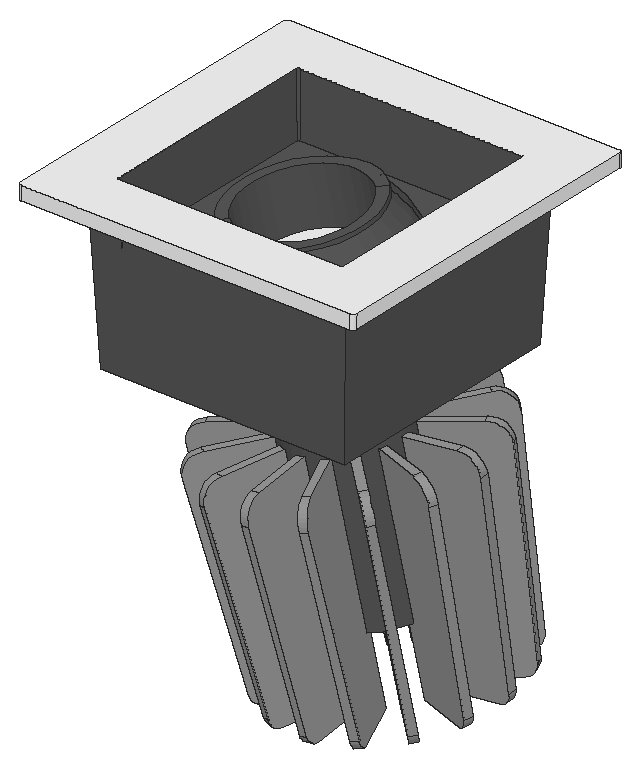
Revit family "2056233 Sylvania Lighting Fixture MYD ADJ SQ BLK 3K DALI WHT BEZ", category Lighting Fixtures, host Face, Revit 2016
Family settings
  Host = Face
  Part Type = Normal
  Round Connector Dimension = Use Diameter
  OmniClass Number = 23.80.70.00
  OmniClass Title = Lighting
  Cut with Voids When Loaded = Yes
  Light Source = No
  Shared = No
  Room Calculation Point = No
Parameters (values of type "2056233 MYD ADJ SQ BLK 3K DALI WHT BEZ")
  WidthCutOut_SYL = 72 mm
  Width_SYL = 86 mm
  WidthBezel_SYL = 7 mm
  Weight = "0.38 kg"
  Wattage Comments = "n/a"
  WarrantyStartDate [instance] = "n/a"
  WarrantyGuarantorParts = "n/a"
  WarrantyDurationUnit = "n/a"
  WarrantyDurationParts = "n/a"
  WarrantyDescription = "n/a"
  Voltage = 0 V
  VerticalTiltStart_FEILO [instance] = VerticalTilt_FEILO + 90.00°  # 135.00°
  VerticalTilt_FEILO [instance] = 45.00°
  URL = "http://www.sylvania-lighting.com"
  TypeName = "MYD ADJ SQ BLK 3K DALI WHT BEZ"
  TypeLamp_SYL = Myriad Adjustable Square Lamp : 2056233 MYD ADJ SQ BLK 3K DALI WHT BEZ
  Type Image = <None>
  Type Comments = "n/a"
  SphereRadius_FEILO = 31 mm
  SerialNumber [instance] = "n/a"
  Material_3_SYL = none
  PowerFactor = 0
  PowerConsumption = "10 W"
  NominalLength = 0 mm
  NominalHeight = 115 mm
  NominalDepth = 76 mm
  Name = "MYD ADJ SQ BLK 3K DALI WHT BEZ"
  ModelReference = Name  # "MYD ADJ SQ BLK 3K DALI WHT BEZ"
  ModelNumber = "2056233"
  Model = Name  # "MYD ADJ SQ BLK 3K DALI WHT BEZ"
  Material = "polycarbonate housing"
  ManufacturerName = "Feilo Sylvania"
  Manufacturer = "Feilo Sylvania"
  LuminousEfficacy = "70 lm/W"
  LuminaireType = ""
  LightOutputRatio = "100"
  LampsType = Lamp  # "LED"
  LampNominalLuminous = "702 lm"
  LampMacAdamStep = "n/a"
  LampColourTemperature = "3000 K"
  LampColourRenderingIndex = "85"
  Lamp = "LED"
  Keynote = "16500"
  InstallationDate [instance] = "n/a"
  InputVoltage = "n/a"
  InputNominalFrequency = "n/a"
  IngressProtection = "IP20"
  ImpactProtectionIndex = "IK02"
  IfcExportType = "IfcLightFixtureType"
  IfcExportAs = "IfcLightFixtureType"
  HorizontalTilt_FEILO [instance] = 10.00°
  HeightVoid_SYL = 16 mm
  HeightTop_SYL = 40 mm
  HeightBezel_SYL = 3.5 mm
  ExpectedLife = 50000
  ElectricShockClassification = "Class II"
  DurationUnit = "hours"
  DraftIn_SYL = tan(DraftAngle_SYL) * HeightVoid_SYL  # 0.699 mm
  DraftOut_SYL = tan(DraftAngle_SYL) * HeightTop_SYL  # 1.746 mm
  DraftAngle_SYL = 2.50°
  DocumentationLiterature = "http://www.sylvania-lighting.com/product/en-int/products/2056233"
  DimmingControlOptions = "n/a"
  Material_2_SYL = none
  Description = "MYD ADJ SQ BLK 3K DALI WHT BEZ"
  Default Elevation = 1219.2 mm
  CreatedOn = "9/11/2018"
  CreatedBy = "@sylvania-lighting.com"
  Cost = 0
  built-in parameter 1114216 [instance] = (empty or 0)
  ClassificationValue = "EF_70_80"
  ClassificationName = "Uniclass2015"
  Material_1_SYL = Body-Sylvania-MyriadAdjustableRound-Black
  BarCode [instance] = "n/a"
  AssetType = "Fixed"
  AssetIdentifier [instance] = "n/a"
  Assembly Code = "D5020200"
  Apparent Load = 10 VA
  Material_4_SYL = Body-Sylvania-MyriadAdjustableRound-White
Reference planes
  plane 1 "Center (Front/Back)": y = 0
  plane 2: z = 0
  plane 3 "Center (Left/Right)": x = 0
  plane 4: z = 3.5
  plane 5: z = -12.5
  plane 6: z = -24.5
  plane 7: x = -36
  plane 8: x = 36
  plane 9: x = -43
  plane 10: x = 43
  plane 11: x = -33
  plane 12: x = -31.254
  plane 13: x = 33
  plane 14: x = 31.254
  plane 15: y = 43
  plane 16: y = -43
  plane 17: y = 36
  plane 18: y = -36
  plane 19: y = -33
  plane 20: y = 33
  plane 21: y = 31.254
  plane 22: y = -31.254
  plane 23: z = -40
  plane 24: z = -130
  plane 25: y = 29
  plane 26: x = -29
  plane 27: x = 29
  plane 28: y = -29
  plane 29: x = -28.301
  plane 30: y = 28.301
  plane 31: x = 28.301
  plane 32: y = -28.301
  plane 33: x = -42.5
  plane 34: z = 3
Forms (mm)
  Revolve 1, solid, not visible
    sketch origin (0, 0, 0) x (1, 0, 0) y (0, 0, 1)
      loop
        line (0, -24.5) -> (2.4, -24.5) -> (2.4, -12.5) -> (0, -12.5) -> (0, -24.5)
      axis (0, -12.5) -> (0, -24.5)
    angle from 135 <- "VerticalTiltStart_FEILO" to 45 <- "VerticalTilt_FEILO"
  Extrusion 2, void
    sketch origin (0, 0, 0) x (1, 0, 0) y (0, 1, 0)
      loop
        line (-36, 36) -> (-36, -36) -> (36, -36) -> (36, 36) -> (-36, 36)
    from 0 to -130
  Extrusion 3, solid, material "Body-Sylvania-MyriadAdjustableRound-Black" <- "Material_1_SYL"
    sketch origin (0, 0, 0) x (1, 0, 0) y (0, 1, 0)
      loop
        arc (-42, 43) -> (-42.707, 42.707) -> (-43, 42) r 1
        line (-43, 42) -> (-43, -42)
        arc (-43, -42) -> (-42.707, -42.707) -> (-42, -43) r 1
        line (-42, -43) -> (42, -43)
        arc (42, -43) -> (42.707, -42.707) -> (43, -42) r 1
        line (43, -42) -> (43, 42)
        arc (43, 42) -> (42.707, 42.707) -> (42, 43) r 1
        line (42, 43) -> (-42, 43)
    from 0 to 3.5
  Blend 4, solid, material "Body-Sylvania-MyriadAdjustableRound-Black" <- "Material_1_SYL"
    base sketch origin (0, 0, 0) x (1, 0, 0) y (0, 1, 0)
      loop
        line (-33, 33) -> (-33, -33) -> (33, -33) -> (33, 33) -> (-33, 33)
    top sketch origin (0, 0, 0) x (1, 0, 0) y (0, 1, 0)
      loop
        line (-31.254, 31.254) -> (-31.254, -31.254) -> (31.254, -31.254) -> (31.254, 31.254) -> (-31.254, 31.254)
    from 0 to -40
  Blend 5, void
    base sketch origin (1223.4, -4572, 3.5) x (-1, 0, 0) y (0, -1, 0)
      loop
        arc (1251.727, -4601) -> (1252.203, -4600.803) -> (1252.4, -4600.327) r 0.673
        line (1252.4, -4600.327) -> (1252.4, -4543.673)
        arc (1252.4, -4543.673) -> (1252.203, -4543.197) -> (1251.727, -4543) r 0.673
        line (1251.727, -4543) -> (1195.073, -4543)
        arc (1195.073, -4543) -> (1194.597, -4543.197) -> (1194.4, -4543.673) r 0.673
        line (1194.4, -4543.673) -> (1194.4, -4600.327)
        arc (1194.4, -4600.327) -> (1194.597, -4600.803) -> (1195.073, -4601) r 0.673
        line (1195.073, -4601) -> (1251.727, -4601)
    top sketch origin (1223.4, -4572, 3.5) x (-1, 0, 0) y (0, -1, 0)
      loop
        arc (1251.201, -4600.301) -> (1251.555, -4600.155) -> (1251.701, -4599.801) r 0.5
        line (1251.701, -4599.801) -> (1251.701, -4544.199)
        arc (1251.701, -4544.199) -> (1251.555, -4543.845) -> (1251.201, -4543.699) r 0.5
        line (1251.201, -4543.699) -> (1195.638, -4543.699)
        arc (1195.638, -4543.699) -> (1195.257, -4543.857) -> (1195.099, -4544.238) r 0.539
        line (1195.099, -4544.238) -> (1195.099, -4599.801)
        arc (1195.099, -4599.801) -> (1195.245, -4600.155) -> (1195.599, -4600.301) r 0.5
        line (1195.599, -4600.301) -> (1251.201, -4600.301)
    from 0 to -16
  Revolve 6, void
    sketch origin (0, 0, 0) x (1, 0, 0) y (0, 0, 1)
      loop
        arc (0, 5.853) -> (-24.7, -24.5) -> (0, -54.853) r 31
        line (0, -54.853) -> (0, 5.853)
      axis (0, 5.853) -> (0, -54.853)
    angle from 360 to 0
Cuts and joins
  Blend 5 cuts Extrusion 3
  Blend 5, Revolve 6 cuts Blend 4
  joined: Extrusion 3, Blend 4
Lines and regions (mm)
  reference lines
    curve 1: circle (6.3, 0, -24.5) r 31 normal (0, -1, 0)
Dimensions and locks
  "HeightBezel_SYL": plane 4 to plane 2
  locked: plane 5 to plane 6 at 12
  equal spacing: plane 9, plane 3 "Center (Left/Right)", plane 10
  equal spacing: plane 16, plane 1 "Center (Front/Back)", plane 15
  "Width_SYL": plane 16 to plane 15
  "Width_SYL": plane 9 to plane 10
  equal spacing: plane 7, plane 3 "Center (Left/Right)", plane 8
  "WidthCutOut_SYL": plane 7 to plane 8
  equal spacing: plane 18, plane 1 "Center (Front/Back)", plane 17
  "WidthCutOut_SYL": plane 18 to plane 17
  equal spacing: plane 11, plane 3 "Center (Left/Right)", plane 13
  equal spacing: plane 19, plane 1 "Center (Front/Back)", plane 20
  locked: plane 18 to plane 19 at 3
  locked: plane 7 to plane 11 at 3
  equal spacing: plane 12, plane 3 "Center (Left/Right)", plane 14
  "DraftOut_SYL": plane 11 to plane 12
  equal spacing: plane 22, plane 1 "Center (Front/Back)", plane 21
  "DraftOut_SYL": plane 19 to plane 22
  "HeightTop_SYL": plane 2 to plane 23
  locked: plane 2 to plane 24 at 130
  equal spacing: plane 26, plane 3 "Center (Left/Right)", plane 27
  equal spacing: plane 28, plane 1 "Center (Front/Back)", plane 25
  "WidthBezel_SYL": plane 25 to plane 17
  "WidthBezel_SYL": plane 7 to plane 26
  equal spacing: plane 29, plane 3 "Center (Left/Right)", plane 31
  "DraftIn_SYL": plane 26 to plane 29
  equal spacing: plane 32, plane 1 "Center (Front/Back)", plane 30
  "DraftIn_SYL": plane 28 to plane 32
  "HeightVoid_SYL": plane 4 to plane 5
  locked: plane 33 to plane 9 at 0.5
  locked: plane 4 to plane 34 at 0.5
  curve 1 to plane 3 "Center (Left/Right)" = 6.3 mm
  "SphereRadius_FEILO": radius of curve 1
  aligned and locked: plane 2 to host face
  aligned and locked: level to host face
  aligned and locked: plane 6 to Revolve 1 sketch curve
  aligned and locked: Revolve 1 sketch curve to plane 3 "Center (Left/Right)"  (x2)
  aligned and locked: Revolve 1 sketch curve to plane 5
  aligned and locked: plane 17 to Extrusion 2 sketch curve
  aligned and locked: Extrusion 2 sketch curve to plane 18
  aligned and locked: Extrusion 2 sketch curve to plane 8
  aligned and locked: plane 7 to Extrusion 2 sketch curve
  aligned and locked: plane 24 to Extrusion 2
  aligned and locked: level to Extrusion 2
  aligned and locked: plane 15 to Extrusion 3 sketch curve
  aligned and locked: plane 9 to Extrusion 3 sketch curve
  aligned and locked: Extrusion 3 sketch curve to plane 16
  aligned and locked: Extrusion 3 sketch curve to plane 10
  aligned and locked: Extrusion 3 to plane 4
  aligned and locked: Extrusion 3 to level
  aligned and locked: plane 20 to Blend 4 sketch curve
  aligned and locked: Blend 4 sketch curve to plane 19
  aligned and locked: Blend 4 sketch curve to plane 13
  aligned and locked: plane 11 to Blend 4 sketch curve
  aligned and locked: plane 21 to Blend 4 sketch curve
  aligned and locked: plane 12 to Blend 4 sketch curve
  aligned and locked: Blend 4 sketch curve to plane 22
  aligned and locked: Blend 4 sketch curve to plane 14
  aligned and locked: plane 23 to Blend 4
  aligned and locked: level to Blend 4
  aligned and locked: nested 1 to plane 6
  aligned and locked: plane 25 to Blend 5 sketch curve
  aligned and locked: plane 26 to Blend 5 sketch curve
  aligned and locked: Blend 5 sketch curve to plane 28
  aligned and locked: Blend 5 sketch curve to plane 27
  aligned and locked: plane 30 to Blend 5 sketch curve
  aligned and locked: plane 29 to Blend 5 sketch curve
  aligned and locked: Blend 5 sketch curve to plane 32
  aligned and locked: Blend 5 sketch curve to plane 31
  aligned and locked: plane 5 to Blend 5
  aligned and locked: Blend 5 to plane 4
  aligned and locked: plane 6 to curve 1
  aligned and locked: Revolve 6 sketch curve to plane 3 "Center (Left/Right)"
Automatic sketch dimensions
  host sketch curve to host sketch curve = 2438.4 mm  (x2)
  Revolve 1 sketch curve to plane 4 = 2605.558 mm
  plane 3 "Center (Left/Right)" to Revolve 1 sketch curve = 2.4 mm
  plane 6 to Revolve 1 sketch curve = 577.6 mm
  plane 9 to Extrusion 3 sketch curve = 1 mm
  Extrusion 3 sketch curve to Extrusion 3 sketch curve = 1 mm
  Extrusion 3 sketch curve to plane 10 = 1 mm  (x2)
  plane 31 to Blend 5 sketch curve = 0.026 mm  (x2)
  Blend 5 sketch curve to plane 29 = 0.026 mm  (x2)
  Blend 5 sketch curve to Blend 5 sketch curve = 0.5 mm
  Blend 5 sketch curve to Blend 5 sketch curve = 0.539 mm
  plane 29 to Blend 5 sketch curve = 0.5 mm  (x2)
  plane 24 to Revolve 6 sketch curve = 479.6 mm
  Revolve 6 sketch curve to plane 4 = 2605.558 mm
  Revolve 6 sketch curve to plane 3 "Center (Left/Right)" = 0 mm
  Revolve 6 sketch curve to plane 6 = 0 mm
  plane 3 "Center (Left/Right)" to Revolve 6 sketch curve = 6.3 mm
  Revolve 6 sketch curve to plane 4 = 2.353 mm
Nested families
  nested 1: "Myriad Adjustable Square Rotation Feature" at (-0.473, 0.473, -24.5) x (-0.7071, 0.7071, 0) z (-0.7071, -0.7071, 0), HorizontalAxis <- "HorizontalTilt_FEILO", type "Myriad Adjustable Square Rotation Feature"
    with HorizontalAxis 10.00°, EndAngle 100.00°
  nested 2: "Myriad Adjustable Square Lamp" at (0, 0, -24.5) x (0.6964, 0.6964, 0.1736) z (0.1228, 0.1228, -0.9848), type <- "TypeLamp_SYL", type "2056233 MYD ADJ SQ BLK 3K DALI WHT BEZ"
Connectors
  electrical at (0, 0, 0), driven by "Apparent Load", driven by "PowerFactor", driven by "Voltage"
    settings: index 1, voltage 0 V, apparent load 10 VA, apparent load phase1 0 VA, apparent load phase2 0 VA, apparent load phase3 0 VA, power factor 0, load classification "Lighting", number of poles 1, system type 30, power factor state 1, is connector primary yes, connector utility no, sub classification motor no, connector description ""
Definition of nested family "Myriad Adjustable Square Rotation Feature"
  Parameters (values of type "Myriad Adjustable Square Rotation Feature")
    URL = "http://www.sylvania-lighting.com"
    Type Comments = "n/a"
    Model = "n/a"
    Manufacturer = "Feilo Sylvania"
    Keynote = "n/a"
    HorizontalAxis [instance] = 0.00°
    EndAngle [instance] = HorizontalAxis + 90.00°  # 90.00°
    Description = "n/a"
    Default Elevation = 1219.2 mm
    Cost = 0
    Assembly Code = "n/a"
  Reference planes
    plane 1 "Center (Front/Back)": y = 0
    plane 2: z = 0
    plane 3 "Center (Left/Right)": x = 0
    plane 4: z = 10
    plane 5: x = -10
    plane 6: x = 10
  Forms (mm)
    Extrusion 1, solid
      sketch origin (-0.8, 0, 0) x (1, 0, 0) y (0, 1, 0)
        loop
          line (-1219.2, 1219.2) -> (-1219.2, -1219.2) -> (1219.2, -1219.2) -> (1219.2, 1219.2) -> (-1219.2, 1219.2)
      from 0 to -304.8
    Revolve 2, solid
      sketch origin (0, 0, 0) x (1, 0, 0) y (0, 0, 1)
        loop
          line (-10, 10) -> (-10, 0) -> (10, 0) -> (10, 10) -> (-10, 10)
        axis (-10, 0) -> (10, 0)
      angle from 0 <- "HorizontalAxis" to 90 <- "EndAngle"
  Dimensions and locks
    plane 4 to plane 2 = 10 mm
    aligned and locked: plane 2 to Extrusion 1
    aligned and locked: level to Extrusion 1
    aligned and locked: Revolve 2 sketch curve to plane 4
    aligned and locked: plane 5 to Revolve 2 sketch curve
    aligned and locked: Extrusion 1 to Revolve 2 sketch curve
    aligned and locked: Revolve 2 sketch curve to plane 2
    aligned and locked: Revolve 2 sketch curve to plane 6
Definition of nested family "Myriad Adjustable Square Lamp"
  Parameters (values of type "2058044 MYSQ AD BLK 2.7K DALI SIL BZ")
    Wattage = 10 W
    built-in parameter 1150110 = 1 (stored number, unit not read)
    URL = "http://www.sylvania-lighting.com"
    Type Comments = "n/a"
    built-in parameter 1114217 = 1 (stored number, unit not read)
    Tilt Angle = 90.00°
    built-in parameter 1150109 = 1 (stored number, unit not read)
    built-in parameter 1150134 = (empty or 0)
    built-in parameter 1150113 = 1 (stored number, unit not read)
    SphereRadius_SYL = 31 mm
    RimHeight_SYL = 1 mm
    Material_3_SYL = none
    Photometric Web File = "2058044.ies"
    Model = "MYSQ AD BLK 2.7K DALI SIL BZ"
    Manufacturer = "Feilo Sylvania"
    built-in parameter 1150105 = 54.113 (stored number, unit not read)
    Lumens = 680 lm
    built-in parameter 1150115 = 1 (stored number, unit not read)
    built-in parameter 1150137 = (empty or 0)
    built-in parameter 1150139 = (empty or 0)
    built-in parameter 1150112 = 1 (stored number, unit not read)
    built-in parameter 1150114 = 1 (stored number, unit not read)
    Lamp = "LED"
    Keynote = "16500"
    built-in parameter 1150132 = (empty or 0)
    built-in parameter 1150102 = (empty or 0)
    built-in parameter 1150107 = 2700 (stored number, unit not read)
    built-in parameter 1150138 = (empty or 0)
    built-in parameter 1150106 = 0.54113 (stored number, unit not read)
    Emit from Circle Diameter = 30 mm
    Emit Shape Visible in Rendering = no
    built-in parameter 1150104 = 6.3174 (stored number, unit not read)
    Dimming Lamp Color Temperature Shift = (empty or 0)
    Material_2_SYL = none
    Description = "Myriad Adjustable Square 2700K DALI black interior with silver bezel"
    Default Elevation = 1219.2 mm
    Cost = 0
    Color Filter = 16777215
    Material_1_SYL = none
    built-in parameter 1114218 = 1 (stored number, unit not read)
    built-in parameter 1150133 = 10 (stored number, unit not read)
    Assembly Code = "D5020200"
    Material_4_SYL = none
    Apparent Load = 10 VA
  Types (24, lengths in mm): name | built-in parameter 1150134 | Photometric Web File | Model | built-in parameter 1150105 | Lumens | built-in parameter 1150107 | built-in parameter 1150106 | built-in parameter 1150104 | Description
    2058044 MYSQ AD BLK 2.7K DALI SIL BZ | (empty or 0) | "2058044.ies" | "MYSQ AD BLK 2.7K DALI SIL BZ" | 54.113 (stored number, unit not read) | 680 lm | 2700 (stored number, unit not read) | 0.54113 (stored number, unit not read) | 6.3174 (stored number, unit not read) | "Myriad Adjustable Square 2700K DALI black interior with silver bezel"
    2058043 MYSQ AD BLK 2.7K PHDIM SIL BZ | (empty or 0) | "2058043.ies" | "MYSQ AD BLK 2.7K PHDIM SIL BZ" | 54.113 (stored number, unit not read) | 680 lm | 2700 (stored number, unit not read) | 0.54113 (stored number, unit not read) | 6.3174 (stored number, unit not read) | "Myriad Adjustable Square 2700K Phase dimmable black interior with silver bezel"
    2058042 MYSQ AD BLK 2.7K DALI WHT BZ | (empty or 0) | "2058042.ies" | "MYSQ AD BLK 2.7K DALI WHT BZ" | 54.113 (stored number, unit not read) | 680 lm | 2700 (stored number, unit not read) | 0.54113 (stored number, unit not read) | 6.3174 (stored number, unit not read) | "Myriad Adjustable Square 2700K DALI black interior with white bezel"
    2058041 MYSQ AD BLK 2.7K PHDIM WHT BZ | (empty or 0) | "2058041.ies" | "MYSQ AD BLK 2.7K PHDIM WHT BZ" | 45.359 (stored number, unit not read) | 570 lm | 2700 (stored number, unit not read) | 0.45359 (stored number, unit not read) | 5.2955 (stored number, unit not read) | "Myriad Adjustable Square 2700K Phase dimmable black interior with white bezel"
    2058040 MYSQ AD WHT 2.7K DALI SIL BZ | (empty or 0) | "2058040.ies" | "MYSQ AD WHT 2.7K DALI SIL BZ" | 45.359 (stored number, unit not read) | 570 lm | 2700 (stored number, unit not read) | 0.45359 (stored number, unit not read) | 5.2955 (stored number, unit not read) | "Myriad Adjustable Square 2700K DALI White interior with silver bezel."
    2058039 MYSQ AD WHT 2.7K PHDIM SIL BZ | (empty or 0) | "2058039.ies" | "MYSQ AD WHT 2.7K PHDIM SIL BZ" | 54.113 (stored number, unit not read) | 680 lm | 2700 (stored number, unit not read) | 0.54113 (stored number, unit not read) | 6.3174 (stored number, unit not read) | "MYSQ AD WHT 2.7K PHDIM SIL BZ"
    2058038 MYSQ AD WHT 2.7K DALI WHT BZ | (empty or 0) | "2058038.ies" | "MYSQ AD WHT 2.7K DALI WHT BZ" | 54.113 (stored number, unit not read) | 680 lm | 2700 (stored number, unit not read) | 0.54113 (stored number, unit not read) | 6.3174 (stored number, unit not read) | "MYSQ AD WHT 2.7K DALI WHT BZ"
    2058037 MYSQ AD WHT 2.7K PHDIM WHT BZ | (empty or 0) | "2058037.ies" | "MYSQ AD WHT 2.7K PHDIM WHT BZ" | 54.113 (stored number, unit not read) | 680 lm | 2700 (stored number, unit not read) | 0.54113 (stored number, unit not read) | 6.3174 (stored number, unit not read) | "Myriad Adjustable SQ White 2,7K Phase dim White Bezel"
    2056239 MYD ADJ SQ BLK 4K DALI SIL BEZ | 12 | "2056239.ies" | "MYD ADJ SQ BLK 4K DALI SIL BEZ" | 54.113 (stored number, unit not read) | 680 lm | 4000 (stored number, unit not read) | 0.54113 (stored number, unit not read) | 6.3174 (stored number, unit not read) | "MYD ADJ SQ BLK 4K DALI SIL BEZ"
    2056238 MYR ADJ SQ BLK 4K PHDIM SIL BEZ | 12 | "2056238.ies" | "MYR ADJ SQ BLK 4K PHDIM SIL BEZ" | 54.113 (stored number, unit not read) | 680 lm | 4000 (stored number, unit not read) | 0.54113 (stored number, unit not read) | 6.3174 (stored number, unit not read) | "MYR ADJ SQ BLK 4K PHDIM SIL BEZ"
    2056237 MYD ADJ SQ BLK 4K DALI WHT BEZ | 12 | "2056237.ies" | "MYD ADJ SQ BLK 4K DALI WHT BEZ" | 54.113 (stored number, unit not read) | 680 lm | 4000 (stored number, unit not read) | 0.54113 (stored number, unit not read) | 6.3174 (stored number, unit not read) | "MYD ADJ SQ BLK 4K DALI WHT BEZ"
    2056236 MYD ADJ SQ BLK 4K PHDIM WHT BEZ | 12 | "2056236.ies" | "MYD ADJ SQ BLK 4K PHDIM WHT BEZ" | 54.113 (stored number, unit not read) | 680 lm | 4000 (stored number, unit not read) | 0.54113 (stored number, unit not read) | 6.3174 (stored number, unit not read) | "MYD ADJ SQ BLK 4K PHDIM WHT BEZ"
    2056235 MYD ADJ SQ BLK 3K DALI SIL BEZ | (empty or 0) | "2056235.ies" | "MYD ADJ SQ BLK 3K DALI SIL BEZ" | 55.704 (stored number, unit not read) | 700 lm | 3000 (stored number, unit not read) | 0.55704 (stored number, unit not read) | 6.5032 (stored number, unit not read) | "MYD ADJ SQ BLK 3K DALI SIL BEZ"
    2056234 MYD ADJ SQ BLK 3K PHDIM SILBEZ | (empty or 0) | "2056234.ies" | "MYD ADJ SQ BLK 3K PHDIM SILBEZ" | 55.704 (stored number, unit not read) | 700 lm | 3000 (stored number, unit not read) | 0.55704 (stored number, unit not read) | 6.5032 (stored number, unit not read) | "MYD ADJ SQ BLK 3K PHDIM SILBEZ"
    2056233 MYD ADJ SQ BLK 3K DALI WHT BEZ | (empty or 0) | "2056233.ies" | "MYD ADJ SQ BLK 3K DALI WHT BEZ" | 55.704 (stored number, unit not read) | 700 lm | 3000 (stored number, unit not read) | 0.55704 (stored number, unit not read) | 6.5032 (stored number, unit not read) | "MYD ADJ SQ BLK 3K DALI WHT BEZ"
    2056232 MYD ADJ SQ BLK 3K PHDIM WHT BEZ | (empty or 0) | "2056232.ies" | "MYD ADJ SQ BLK 3K PHDIM WHT BEZ" | 55.704 (stored number, unit not read) | 700 lm | 3000 (stored number, unit not read) | 0.55704 (stored number, unit not read) | 6.5032 (stored number, unit not read) | "MYD ADJ SQ BLK 3K PHDIM WHT BEZ"
    2056231 MYD ADJ SQ WHT 4K DALI SIL BEZ | 12 | "2056231.ies" | "MYD ADJ SQ WHT 4K DALI SIL BEZ" | 54.113 (stored number, unit not read) | 680 lm | 4000 (stored number, unit not read) | 0.54113 (stored number, unit not read) | 6.3174 (stored number, unit not read) | "MYD ADJ SQ WHT 4K DALI SIL BEZ"
    2056230 MYD ADJ SQ WHT 4K PHDIM SIL BEZ | 12 | "2056230.ies" | "MYD ADJ SQ WHT 4K PHDIM SIL BEZ" | 54.113 (stored number, unit not read) | 680 lm | 4000 (stored number, unit not read) | 0.54113 (stored number, unit not read) | 6.3174 (stored number, unit not read) | "Myriad Adjustable Square 4000K phase dimmable white with silver bezel"
    2056229 MYD ADJ SQ WHT 4K DALI WHT BEZ | 12 | "2056229.ies" | "MYD ADJ SQ WHT 4K DALI WHT BEZ" | 54.113 (stored number, unit not read) | 680 lm | 4000 (stored number, unit not read) | 0.54113 (stored number, unit not read) | 6.3174 (stored number, unit not read) | "MYD ADJ SQ WHT 4K DALI WHT BEZ"
    2056228 MYD ADJ SQ WHT 4K PHDIM WHT BEZ | 12 | "2056228.ies" | "MYD ADJ SQ WHT 4K PHDIM WHT BEZ" | 54.113 (stored number, unit not read) | 680 lm | 4000 (stored number, unit not read) | 0.54113 (stored number, unit not read) | 6.3174 (stored number, unit not read) | "MYD ADJ SQ WHT 4K PHDIM WHT BEZ"
    2056227 MYD ADJ SQ WHT 3K DALI SIL BEZ | (empty or 0) | "2056227.ies" | "MYD ADJ SQ WHT 3K DALI SIL BEZ" | 55.704 (stored number, unit not read) | 700 lm | 3000 (stored number, unit not read) | 0.55704 (stored number, unit not read) | 6.5032 (stored number, unit not read) | "MYD ADJ SQ WHT 3K DALI SIL BEZ"
    2056226 MYD ADJ SQ WHT 3K PHDIM SIL BEZ | (empty or 0) | "2056226.ies" | "MYD ADJ SQ WHT 3K PHDIM SIL BEZ" | 55.704 (stored number, unit not read) | 700 lm | 3000 (stored number, unit not read) | 0.55704 (stored number, unit not read) | 6.5032 (stored number, unit not read) | "MYD ADJ SQ WHT 3K PHDIM SIL BEZ"
    2056225 MYD ADJ SQ WHT 3K DALI WHT BEZ | (empty or 0) | "2056225.ies" | "MYD ADJ SQ WHT 3K DALI WHT BEZ" | 55.704 (stored number, unit not read) | 700 lm | 3000 (stored number, unit not read) | 0.55704 (stored number, unit not read) | 6.5032 (stored number, unit not read) | "MYD ADJ SQ WHT 3K DALI WHT BEZ"
    2056224 MYD ADJ SQ WHT 3K PHDIM WHT BEZ | (empty or 0) | "2056224.ies" | "MYD ADJ SQ WHT 3K PHDIM WHT BEZ" | 55.704 (stored number, unit not read) | 700 lm | 3000 (stored number, unit not read) | 0.55704 (stored number, unit not read) | 6.5032 (stored number, unit not read) | "MYD ADJ SQ WHT 3K PHDIM WHT BEZ"
  Reference planes
    plane 1 "Center (Front/Back)": y = 0
    plane 2: z = 0
    plane 3 "Center (Left/Right)": x = 0
    plane 4: x = -35
    plane 5: x = -12
    plane 6: x = -15
    plane 7: x = -25
    plane 8: x = -17.8
    plane 9: z = -19.5
    plane 10: z = 19.5
    plane 11: z = 30.5
    plane 12: z = 71.5
    plane 13: z = 90.5
    plane 14: z = 0
    plane 15: z = -5.5
    plane 16: x = -30
    plane 17: z = -20.5
  Forms (mm)
    Extrusion 1, solid
      sketch origin (-0.8, 0, 0) x (1, 0, 0) y (0, 1, 0)
        loop
          line (-1219.2, 1219.2) -> (-1219.2, -1219.2) -> (1219.2, -1219.2) -> (1219.2, 1219.2) -> (-1219.2, 1219.2)
      from 0 to -304.8
    Revolve 2, solid, material <- "Material_1_SYL"
      sketch origin (0, 0, 0) x (1, 0, 0) y (0, 0, 1)
        loop
          line (-15, -20.5) -> (-15, -5.5) -> (0, -5.5) -> (0, 30.5) -> (-12, 30.5) -> (-12, 71.5) -> (-15, 71.5) -> (-15, 19.5) -> (-17.8, 19.5)
          arc (-17.8, 19.5) -> (-24.701, 0) -> (-17.8, -19.5) r 31
          line (-17.8, -19.5) -> (-17.8, -20.5) -> (-15, -20.5)
        axis (0, 71.5) -> (0, -20.5)
      angle from 0 to 360
    Revolve 3, solid, material <- "Material_1_SYL", detail levels coarse+medium
      sketch origin (0, 0, 0) x (1, 0, 0) y (0, 0, 1)
        loop
          line (0, 30.5) -> (0, 90.5) -> (-30, 90.5) -> (-35, 30.5) -> (0, 30.5)
        axis (0, 90.5) -> (0, 30.5)
      angle from 0 to 360
  Lines and regions (mm)
    reference lines
      curve 1: line (0, 0, 0) -> (-32.336, 13.394, 0)
      curve 2: circle (0, 0, 0) r 35 normal (0, 0, 1)
      curve 3: line (0, 0, 0) -> (-24.749, 24.749, 0)
      curve 4: line (0, 0, 0) -> (-13.394, 32.336, 0)
      curve 5: line (0, 0, 0) -> (13.394, 32.336, 0)
      curve 6: line (0, 0, 0) -> (24.749, 24.749, 0)
      curve 7: line (0, 0, 0) -> (32.336, 13.394, 0)
      curve 8: line (0, 0, 0) -> (32.336, -13.394, 0)
      curve 9: line (0, 0, 0) -> (24.749, -24.749, 0)
      curve 10: line (0, 0, 0) -> (13.394, -32.336, 0)
      curve 11: line (0, 0, 0) -> (-13.394, -32.336, 0)
      curve 12: line (0, 0, 0) -> (-24.749, -24.749, 0)
      curve 13: line (0, 0, 0) -> (-32.336, -13.394, 0)
  Dimensions and locks
    locked: plane 3 "Center (Left/Right)" to plane 4 at 35
    locked: plane 3 "Center (Left/Right)" to plane 5 at 12
    locked: plane 3 "Center (Left/Right)" to plane 6 at 15
    locked: plane 3 "Center (Left/Right)" to plane 7 at 25
    locked: plane 3 "Center (Left/Right)" to plane 8 at 17.8
    equal spacing: plane 10, plane 14, plane 9
    locked: plane 3 "Center (Left/Right)" to plane 16 at 30
    "RimHeight_SYL": plane 9 to plane 17
    locked: plane 15 to plane 17 at 15
    locked: plane 10 to plane 17 at 40
    locked: plane 11 to plane 17 at 51
    locked: plane 12 to plane 17 at 92
    locked: plane 13 to plane 17 at 111
    radius of curve 2 = 35 mm
    "SphereRadius_SYL": radius of Revolve 2 sketch curve
    angle curve 3 to plane 1 "Center (Front/Back)" = 45.00°
    angle curve 4 to plane 1 "Center (Front/Back)" = 67.50°
    angle plane 1 "Center (Front/Back)" to curve 5 = 67.50°
    angle plane 1 "Center (Front/Back)" to curve 6 = 45.00°
    angle plane 1 "Center (Front/Back)" to curve 7 = 22.50°
    angle curve 8 to plane 1 "Center (Front/Back)" = 22.50°
    angle curve 9 to plane 1 "Center (Front/Back)" = 45.00°
    angle curve 10 to plane 1 "Center (Front/Back)" = 67.50°
    angle curve 11 to plane 3 "Center (Left/Right)" = 22.50°
    angle curve 12 to plane 3 "Center (Left/Right)" = 45.00°
    angle curve 13 to plane 3 "Center (Left/Right)" = 67.50°
    aligned and locked: plane 2 to Extrusion 1
    aligned and locked: level to Extrusion 1
    aligned and locked: Revolve 2 sketch curve to plane 3 "Center (Left/Right)"  (x2)
    aligned and locked: plane 8 to Revolve 2 sketch curve  (x2)
    aligned and locked: plane 10 to Revolve 2 sketch curve
    aligned and locked: plane 6 to Revolve 2 sketch curve  (x2)
    aligned and locked: plane 12 to Revolve 2 sketch curve
    aligned and locked: Revolve 2 sketch curve to plane 5
    aligned and locked: plane 3 "Center (Left/Right)" to Revolve 2 sketch curve
    aligned and locked: plane 11 to Revolve 2 sketch curve
    aligned and locked: plane 3 "Center (Left/Right)" to curve 1
    aligned and locked: plane 3 "Center (Left/Right)" to curve 2
    aligned and locked: Revolve 3 sketch curve to plane 3 "Center (Left/Right)"
    aligned and locked: plane 13 to Revolve 3 sketch curve
    aligned and locked: plane 14 to level
    aligned and locked: plane 17 to Revolve 2 sketch curve
    aligned and locked: plane 15 to Revolve 2 sketch curve
    aligned and locked: imposter light to plane 1 "Center (Front/Back)"
    aligned and locked: plane 3 "Center (Left/Right)" to imposter light
    aligned and locked: plane 1 "Center (Front/Back)" to nested 1
    aligned and locked: plane 3 "Center (Left/Right)" to nested 1
    aligned and locked: imposter light to plane 15
  Automatic sketch dimensions
    Extrusion 1 sketch curve to Extrusion 1 sketch curve = 2438.4 mm  (x2)
    plane 1 "Center (Front/Back)" to curve 2 = 0 mm
    plane 1 "Center (Front/Back)" to curve 11 = 0 mm
    curve 1 to plane 16 = 2.336 mm
    Revolve 3 sketch curve to level = 609.6 mm
    Revolve 3 sketch curve to Revolve 3 sketch curve = 2498.058 mm
    Revolve 3 sketch curve to plane 4 = 0 mm
    Revolve 3 sketch curve to plane 16 = 0 mm
    Revolve 3 sketch curve to plane 3 "Center (Left/Right)" = 0 mm
    Revolve 3 sketch curve to plane 11 = 0 mm
    Revolve 2 sketch curve to level = 0 mm
    Revolve 2 sketch curve to plane 17 = 588.1 mm
    Revolve 2 sketch curve to plane 13 = 2498.058 mm
  Nested families
    nested 1: "Myriad Rib" at (0, 0, -20.5), type "Myriad Rib", detail levels fine
    nested 2: "Myriad Rib" at (0, 0, -20.5) x (0.9239, -0.3827, 0) z (0, 0, 1), type "Myriad Rib", detail levels fine
    nested 3: "Myriad Rib" at (0, 0, -20.5) x (0.7071, -0.7071, 0) z (0, 0, 1), type "Myriad Rib", detail levels fine
    nested 4: "Myriad Rib" at (0, 0, -20.5) x (0.3827, -0.9239, 0) z (0, 0, 1), type "Myriad Rib", detail levels fine
    nested 5: "Myriad Rib" at (0, 0, -20.5) x (0, -1, 0) z (0, 0, 1), type "Myriad Rib", detail levels fine
    nested 6: "Myriad Rib" at (0, 0, -20.5) x (-0.3827, -0.9239, 0) z (0, 0, 1), type "Myriad Rib", detail levels fine
    nested 7: "Myriad Rib" at (0, 0, -20.5) x (-0.7071, -0.7071, 0) z (0, 0, 1), type "Myriad Rib", detail levels fine
    nested 8: "Myriad Rib" at (0, 0, -20.5) x (-0.9239, -0.3827, 0) z (0, 0, 1), type "Myriad Rib", detail levels fine
    nested 9: "Myriad Rib" at (0, 0, -20.5) x (-1, 0, 0) z (0, 0, 1), type "Myriad Rib", detail levels fine
    nested 10: "Myriad Rib" at (0, 0, -20.5) x (-0.9239, 0.3827, 0) z (0, 0, 1), type "Myriad Rib", detail levels fine
    nested 11: "Myriad Rib" at (0, 0, -20.5) x (-0.7071, 0.7071, 0) z (0, 0, 1), type "Myriad Rib", detail levels fine
    nested 12: "Myriad Rib" at (0, 0, -20.5) x (-0.3827, 0.9239, 0) z (0, 0, 1), type "Myriad Rib", detail levels fine
    nested 13: "Myriad Rib" at (0, 0, -20.5) x (0, 1, 0) z (0, 0, 1), type "Myriad Rib", detail levels fine
    nested 14: "Myriad Rib" at (0, 0, -20.5) x (0.3827, 0.9239, 0) z (0, 0, 1), type "Myriad Rib", detail levels fine
    nested 15: "Myriad Rib" at (0, 0, -20.5) x (0.7071, 0.7071, 0) z (0, 0, 1), type "Myriad Rib", detail levels fine
    nested 16: "Myriad Rib" at (0, 0, -20.5) x (0.9239, 0.3827, 0) z (0, 0, 1), type "Myriad Rib", detail levels fine
  Definition of nested family "Myriad Rib"
    Parameters (values of type "Myriad Rib")
      URL = "http://www.feilosylvania.com"
      Type Comments = "n/a"
      Material_3_SYL = none
      Model = "n/a"
      Manufacturer = "Feilo Sylvania"
      Keynote = "n/a"
      Material_2_SYL = none
      Description = "n/a"
      Default Elevation = 1219.2 mm
      Cost = 0
      Material_1_SYL = none
      Assembly Code = "n/a"
      Material_4_SYL = none
    Reference planes
      plane 1 "Center (Front/Back)": y = 0
      plane 2: z = 0
      plane 3 "Center (Left/Right)": x = 0
      plane 4: x = -35
      plane 5: x = -30
      plane 6: x = -13
      plane 7: z = 51
      plane 8: z = 111
      plane 9: y = 1
      plane 10: y = -1
    Forms (mm)
      Extrusion 1, solid
        sketch origin (-0.8, 0, 0) x (1, 0, 0) y (0, 1, 0)
          loop
            line (-1219.2, 1219.2) -> (-1219.2, -1219.2) -> (1219.2, -1219.2) -> (1219.2, 1219.2) -> (-1219.2, 1219.2)
        from 0 to -304.8
      Extrusion 2, solid, material <- "Material_1_SYL"
        sketch origin (0, 0, 0) x (1, 0, 0) y (0, 0, 1)
          loop
            line (-13, 111) -> (-27.182, 111)
            arc (-27.182, 111) -> (-29.214, 110.208) -> (-30.172, 108.249) r 3
            line (-30.172, 108.249) -> (-34.491, 56.415)
            arc (-34.491, 56.415) -> (-33.188, 52.614) -> (-29.509, 51) r 5
            line (-29.509, 51) -> (-13, 51) -> (-13, 111)
        from -1 to 1
    Dimensions and locks
      locked: plane 7 to plane 2 at 51
      locked: plane 8 to plane 2 at 111
      locked: plane 3 "Center (Left/Right)" to plane 6 at 13
      locked: plane 3 "Center (Left/Right)" to plane 5 at 30
      locked: plane 3 "Center (Left/Right)" to plane 4 at 35
      equal spacing: plane 10, plane 1 "Center (Front/Back)", plane 9, locked at 1 each
      locked: plane 10 to plane 9 at 2
      aligned and locked: plane 2 to Extrusion 1
      aligned and locked: level to Extrusion 1
      aligned and locked: plane 8 to Extrusion 2 sketch curve  (x2)
      aligned and locked: Extrusion 2 sketch curve to plane 6
      aligned and locked: Extrusion 2 sketch curve to plane 7
      aligned and locked: Extrusion 2 to plane 9
      aligned and locked: plane 10 to Extrusion 2
    Automatic sketch dimensions
      Extrusion 1 sketch curve to Extrusion 1 sketch curve = 2438.4 mm  (x2)
      Extrusion 2 sketch curve to plane 6 = 0 mm
      plane 5 to Extrusion 2 sketch curve = 2.818 mm
      plane 5 to Extrusion 2 sketch curve = 0.491 mm
      Extrusion 2 sketch curve to plane 5 = 0.172 mm
      plane 4 to Extrusion 2 sketch curve = 0.509 mm
      Extrusion 2 sketch curve to Extrusion 2 sketch curve = 5 mm
      Extrusion 2 sketch curve to Extrusion 2 sketch curve = 3 mm
